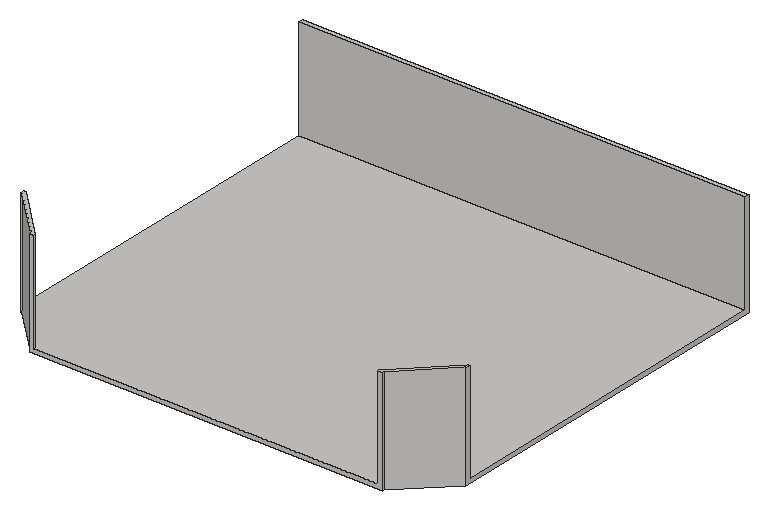
Revit family "Cable_Tray_Fitting-Modular_Channel_Tray-OBO_Bettermann-Channel_Horizontal_Tee-AZ", category Cable Tray Fittings, Revit 2012
Parameters (values of type "Hot Dipped Galvanised")
  URL = "http://www.obo-bettermann.com/"
  Tray Connector 3 Location [instance] = if(Tray Width 3 > 399.9 mm, (Tray Width 3 / 2) + 255 mm, (Tray Width 3 / 2) + 26.2 mm)  # 126.2 mm
  Tray Connector2 Location [instance] = if(Tray Width 1 > 399.9 mm, (Tray Width 1 / 2) + 255 mm, (Tray Width 1 / 2) + 26.2 mm)  # 126.2 mm
  Tray Connector 1 Location [instance] = if(Tray Width 1 > 399.9 mm, (Tray Width 1 / 2) + 255 mm, (Tray Width 1 / 2) + 26.2 mm)  # 126.2 mm
  Tray Width 3 [instance] = 200 mm
  Tray Width 1 [instance] = 200 mm
  Tray Length [instance] = 0.794 mm
  Tray Height [instance] = 60 mm
  built-in parameter 1140111 [instance] = 2.58 mm
  Small Tray Tee [instance] = not(Large Tray Tee)  # yes
  Radius = 25.4 mm
  Product Page URL = "http://catalog1.obo-bettermann.com/catalogue/catalogue.do?favOid=kts_433413&act=showIO&lang=de&action=start&catId=KTS&forward=showSolutionView"
  Product Documentation Link = ""
  Pre Galvanized = no
  Model = "AZ"
  Manufacturer = "OBO Bettermann"
  Large Tray Tee [instance] = (Tray Width 1 > 399.9 mm)  # no
  Description = "Modular AZ Channel Tray"
  Connector Description 3 = "Connector for Cable Tray 3"  # constant formula
  Connector Description 2 = "Connector for Cable Tray 2"  # constant formula
  Connector Description = "Connector for Cable Tray 1"  # constant formula
  Classification = "Refer to online catalog for UL and cUL classifed sizes and wire sizes."
  Cable Tray Material = Metal - OBO Bettermann - Hot-Dipped-Galvanised
  Assembly Code = "D5030600"
Types (2, lengths in mm): name | Tray Connector 3 Location | Tray Connector2 Location | Tray Connector 1 Location | Tray Width 3 | Tray Width 1 | Cable Tray Material
  Hot Dipped Galvanised | 126.2 | 126.2 | 126.2 | 200 | 200 | Metal - OBO Bettermann - Hot-Dipped-Galvanised
  Strip Galvanised | 76.2 | 76.2 | 76.2 | 100 | 100 | Metal - OBO Bettermann - Strip-Galvanised
Reference planes
  plane 1 "Center (Front/Back)": y = 0
  plane 2: z = 0
  plane 3 "Center (Left/Right)": x = 0
  plane 4: y = 100
  plane 5: y = -100
  plane 6: z = 30
  plane 7: z = -30
  plane 8: y = -125.4
  plane 9: x = -100
  plane 10: x = 100
  plane 11: x = -125.4
  plane 12: x = 125.4
  plane 13: y = -97.42
  plane 14: y = 97.42
  plane 15: y = -126.194
  plane 16: x = -97.42
  plane 17: x = 97.42
  plane 18: x = -126.194
  plane 19: x = 126.194
  plane 20: z = -27.42
  plane 21 "Tray Connector Left": x = -126.2
  plane 22 "Tray Connector Right": x = 126.2
  plane 23 "Tray Connector Branch": y = -126.2
Lines and regions (mm)
  model lines, style "Coarse View", detail levels coarse
    curve 1: line (-126.194, 0, 0) -> (126.194, 0, 0)
    curve 2: line (0, 0, 0) -> (0, -126.194, 0)
Dimensions and locks
  equal spacing: plane 4, plane 1 "Center (Front/Back)", plane 5
  "Tray Width 1": plane 4 to plane 5
  equal spacing: plane 6, plane 2, plane 7
  "Tray Height": plane 6 to plane 7
  plane 5 to plane 8 = 25.4 mm
  equal spacing: plane 9, plane 3 "Center (Left/Right)", plane 10
  "Tray Width 3": plane 9 to plane 10
  plane 11 to plane 9 = 25.4 mm
  plane 10 to plane 12 = 25.4 mm
  "built-in parameter 1140111": plane 13 to plane 5
  "built-in parameter 1140111": plane 4 to plane 14
  "Tray Length": plane 8 to plane 15
  "built-in parameter 1140111": plane 9 to plane 16
  "built-in parameter 1140111": plane 17 to plane 10
  "Tray Length": plane 18 to plane 11
  "Tray Length": plane 12 to plane 19
  "built-in parameter 1140111": plane 20 to plane 7
  "Tray Connector2 Location": plane 3 "Center (Left/Right)" to plane 22 "Tray Connector Right"
  "Tray Connector 3 Location": plane 23 "Tray Connector Branch" to plane 1 "Center (Front/Back)"
  "Tray Connector 1 Location": plane 21 "Tray Connector Left" to plane 3 "Center (Left/Right)"
  aligned and locked: plane 19 to curve 1
  aligned and locked: plane 18 to curve 1
  aligned and locked: plane 1 "Center (Front/Back)" to curve 1
  aligned and locked: plane 15 to curve 2
  aligned and locked: plane 1 "Center (Front/Back)" to curve 2
  aligned and locked: curve 2 to plane 3 "Center (Left/Right)"
  aligned and locked: plane 4 to nested 1
  aligned and locked: nested 1 to plane 5
  aligned and locked: nested 1 to plane 9
  aligned and locked: plane 10 to nested 1
  aligned and locked: plane 4 to nested 2
  aligned and locked: nested 2 to plane 18
  aligned and locked: plane 19 to nested 2
Nested families
  nested 1: "Cable_Tray_Fitting-Channel_Tray-OBO_Bettermann-Channel_Horizontal_Tee_400-600-MKS" at (0, 0, 0), Tray Width 3 <- "Tray Width 1", Tray Width 1 <- "Tray Width 1", Tray Height <- "Tray Height", visible <- "Large Tray Tee", built-in parameter 1140111 <- "built-in parameter 1140111", type "Stripped Galvanised"
    with Tray Width Overall 710 mm, Tray Width 3 200 mm, Tray Width 1 200 mm, Tray Height 60 mm, built-in parameter 1140111 2.58 mm
  nested 2: "Cable_Tray_Fitting-Channel_Tray-OBO_Bettermann-Channel_Horizontal_Tee_100-300-MKS" at (0, 0, 0), Tray Width 3 <- "Tray Width 3", Tray Width 1 <- "Tray Width 1", Tray Height <- "Tray Height", built-in parameter 1140111 <- "built-in parameter 1140111", visible <- "Small Tray Tee", type "Stripped Galvanised"
    with Tray Width 3 200 mm, Tray Width 1 200 mm, Tray Length 0.794 mm, Tray Height 60 mm, built-in parameter 1140111 2.58 mm, Radius Label 1 27.98 mm, Radius Label 25.4 mm
Connectors
  cabletrayconduit at (126.2, 0, 0), driven by "Tray Width 1", driven by "Tray Height", driven by "Connector Description 2"
    settings: index 1, connector width 200 mm, connector height 60 mm, connector radius 300 mm, connector angle 0.00°, system type 32, placement type 0, profile type 1, connector reference index -1, is primary connector yes, connector utility param no, connector description "Connector for Cable Tray 2"
  cabletrayconduit at (-126.2, 0, 0), driven by "Tray Height", driven by "Tray Width 1", driven by "Connector Description"
    settings: index 2, connector width 200 mm, connector height 60 mm, connector radius 300 mm, connector angle 0.00°, system type 32, placement type 0, profile type 1, connector reference index -1, is primary connector no, connector utility param no, connector description "Connector for Cable Tray 1"
  cabletrayconduit at (0, -126.2, 0), driven by "Tray Width 3", driven by "Tray Height", driven by "Connector Description 3"
    settings: index 3, connector width 200 mm, connector height 60 mm, connector radius 300 mm, connector angle 0.00°, system type 32, placement type 0, profile type 1, connector reference index -1, is primary connector no, connector utility param no, connector description "Connector for Cable Tray 3"
Definition of nested family "Cable_Tray_Fitting-Channel_Tray-OBO_Bettermann-Channel_Horizontal_Tee_400-600-MKS"
  Parameters (values of type "Stripped Galvanised")
    URL = "http://www.obo-bettermann.com/"
    Tray Width Overall [instance] = Tray Width 3 + 510 mm  # 910 mm
    Tray Width 3 [instance] = 400 mm
    Tray Width 1 [instance] = 400 mm
    Tray Height [instance] = 60 mm
    built-in parameter 1140111 [instance] = 2.58 mm
    Radius Label 1 = Radius Label + 2.6 mm  # 152.6 mm
    Radius Label = 150 mm
    Product Page URL = "http://catalog2.obo-bettermann.com/catalogue/catalogue.do?favOid=kts_315277&act=showIO&lang=en&action=start&catId=KTS&forward=showSolutionView"
    Product Documentation Link = ""
    Pre Galvanized = no
    Model = "MKS"
    Manufacturer = "OBO Bettermann"
    Description = "Cable tray"
    Connector Description 3 = "Connector for Cable Tray 3"  # constant formula
    Connector Description 2 = "Connector for Cable Tray 2"  # constant formula
    Connector Description = "Connector for Cable Tray 1"  # constant formula
    Classification = "Refer to nline catalog for UL and cUL classifed sizes and wire sizes."
    Cable Tray Material = none
    Assembly Code = "D5030600"
  Types (2, lengths in mm): name | Tray Width Overall | Tray Width 3 | Tray Width 1
    Stripped Galvanised | 910 | 400 | 400
    Steel | 610 | 100 | 100
  Reference planes
    plane 1 "Center (Front/Back)": y = 0
    plane 2: z = 0
    plane 3 "Center (Left/Right)": x = 0
    plane 4: y = 200
    plane 5: y = -200
    plane 6: z = 30
    plane 7: z = -30
    plane 8: x = -200
    plane 9: x = 200
    plane 10: y = -197.42
    plane 11: y = 197.42
    plane 12: y = -455
    plane 13: x = -197.42
    plane 14: x = 197.42
    plane 15: z = -27.42
    plane 16: x = -455
    plane 17: x = 455
  Forms (mm)
    Extrusion 1, solid, material <- "Cable Tray Material", detail levels fine
      sketch origin (0, 0, 0) x (1, 0, 0) y (0, 1, 0)
        loop
          line (-455, -197.42) -> (-455, -200) -> (-350, -200)
          arc (-350, -200) -> (-243.934, -243.934) -> (-200, -350) r 150
          line (-200, -350) -> (-200, -455) -> (-197.42, -455) -> (-197.42, -347.51)
          arc (-197.42, -347.51) -> (-242.096, -242.096) -> (-347.51, -197.42) r 152.6
          line (-347.51, -197.42) -> (-455, -197.42)
        loop
          line (350, -200) -> (455, -200) -> (455, -197.42) -> (347.51, -197.42)
          arc (347.51, -197.42) -> (242.096, -242.096) -> (197.42, -347.51) r 152.6
          line (197.42, -347.51) -> (197.42, -455) -> (200, -455) -> (200, -350)
          arc (200, -350) -> (243.934, -243.934) -> (350, -200) r 150
        loop
          line (-455, 200) -> (-455, 197.42) -> (455, 197.42) -> (455, 200) -> (-455, 200)
      from -30 to 30
    Extrusion 2, solid, material <- "Cable Tray Material", detail levels fine
      sketch origin (0, 0, 0) x (1, 0, 0) y (0, 1, 0)
        loop
          line (-455, -200) -> (-350, -200)
          arc (-350, -200) -> (-243.934, -243.934) -> (-200, -350) r 150
          line (-200, -350) -> (-200, -455) -> (200, -455) -> (200, -350)
          arc (200, -350) -> (243.934, -243.934) -> (350, -200) r 150
          line (350, -200) -> (455, -200) -> (455, 200) -> (-455, 200) -> (-455, -200)
      from -30 to -27.42
    Extrusion 3, solid, material <- "Cable Tray Material", detail levels medium
      sketch origin (0, 0, 0) x (1, 0, 0) y (0, 1, 0)
        loop
          line (-455, 200) -> (-455, -200) -> (-350, -200)
          arc (-350, -200) -> (-243.934, -243.934) -> (-200, -350) r 150
          line (-200, -350) -> (-200, -455) -> (200, -455) -> (200, -350)
          arc (200, -350) -> (243.934, -243.934) -> (350, -200) r 150
          line (350, -200) -> (455, -200) -> (455, 200) -> (-455, 200)
      from -30 to 30
  Cuts and joins
    joined: Extrusion 1, Extrusion 2
  Lines and regions (mm)
    model lines, style "Coarse View", detail levels coarse
      curve 1: line (-380, 0, 0) -> (350, 0, 0)
      curve 2: line (0, 0, 0) -> (0, -455, 0)
  Dimensions and locks
    equal spacing: plane 4, plane 1 "Center (Front/Back)", plane 5
    "Tray Width 1": plane 4 to plane 5
    equal spacing: plane 6, plane 2, plane 7
    "Tray Height": plane 6 to plane 7
    equal spacing: plane 8, plane 3 "Center (Left/Right)", plane 9  (x2)
    "Tray Width 3": plane 8 to plane 9
    "built-in parameter 1140111": plane 10 to plane 5
    "built-in parameter 1140111": plane 4 to plane 11
    locked: plane 5 to plane 12 at 255
    "built-in parameter 1140111": plane 8 to plane 13
    "built-in parameter 1140111": plane 14 to plane 9
    "built-in parameter 1140111": plane 15 to plane 7
    locked: plane 16 to plane 8 at 255
    locked: plane 9 to plane 17 at 255
    equal spacing: plane 16, plane 3 "Center (Left/Right)", plane 17
    "Radius Label": radius of Extrusion 3 sketch curve  (x2)
    "Radius Label": radius of Extrusion 1 sketch curve  (x2)
    "Radius Label 1": radius of Extrusion 1 sketch curve  (x2)
    "Radius Label": radius of Extrusion 2 sketch curve  (x2)
    aligned and locked: Extrusion 1 sketch curve to plane 10
    aligned and locked: Extrusion 1 sketch curve to plane 5
    aligned and locked: Extrusion 1 sketch curve to plane 8
    aligned and locked: plane 12 to Extrusion 1 sketch curve  (x2)
    aligned and locked: Extrusion 1 sketch curve to plane 13
    aligned and locked: plane 13 to Extrusion 1 sketch curve
    aligned and locked: plane 8 to Extrusion 1 sketch curve
    aligned and locked: Extrusion 1 sketch curve to plane 12  (x2)
    aligned and locked: Extrusion 1 to plane 7
    aligned and locked: plane 6 to Extrusion 1
    aligned and locked: plane 5 to Extrusion 1 sketch curve
    aligned and locked: plane 10 to Extrusion 1 sketch curve
    aligned and locked: Extrusion 1 sketch curve to plane 14
    aligned and locked: Extrusion 1 sketch curve to plane 9
    aligned and locked: plane 9 to Extrusion 1 sketch curve
    aligned and locked: plane 14 to Extrusion 1 sketch curve
    aligned and locked: plane 11 to Extrusion 1 sketch curve
    aligned and locked: Extrusion 1 sketch curve to plane 4
    aligned and locked: Extrusion 2 sketch curve to plane 5
    aligned and locked: Extrusion 2 sketch curve to plane 4
    aligned and locked: plane 4 to Extrusion 2 sketch curve
    aligned and locked: plane 5 to Extrusion 2 sketch curve
    aligned and locked: plane 12 to Extrusion 2 sketch curve
    aligned and locked: plane 9 to Extrusion 2 sketch curve
    aligned and locked: plane 8 to Extrusion 2 sketch curve
    aligned and locked: Extrusion 2 sketch curve to plane 12
    aligned and locked: Extrusion 2 to plane 7
    aligned and locked: plane 15 to Extrusion 2
    aligned and locked: Extrusion 3 sketch curve to plane 5  (x2)
    aligned and locked: plane 4 to Extrusion 3 sketch curve  (x2)
    aligned and locked: plane 5 to Extrusion 3 sketch curve
    aligned and locked: plane 12 to Extrusion 3 sketch curve
    aligned and locked: Extrusion 3 sketch curve to plane 9
    aligned and locked: plane 9 to Extrusion 3 sketch curve
    aligned and locked: plane 8 to Extrusion 3 sketch curve
    aligned and locked: Extrusion 3 sketch curve to plane 12
    aligned and locked: Extrusion 3 to plane 7
    aligned and locked: plane 6 to Extrusion 3
    aligned and locked: plane 1 "Center (Front/Back)" to curve 1
    aligned and locked: plane 12 to curve 2
    aligned and locked: plane 1 "Center (Front/Back)" to curve 2
    aligned and locked: curve 2 to plane 3 "Center (Left/Right)"
    aligned and locked: plane 16 to Extrusion 3
    aligned and locked: plane 16 to cut or joined group of Extrusion 1, Extrusion 2
    aligned and locked: plane 17 to Extrusion 3
    aligned and locked: cut or joined group of Extrusion 1, Extrusion 2 to Extrusion 3
  Automatic sketch dimensions
    Extrusion 1 sketch curve to Extrusion 1 sketch curve = 0 mm  (x4)
    Extrusion 1 sketch curve to Extrusion 1 sketch curve = 105 mm  (x2)
    Extrusion 1 sketch curve to plane 8 = 255 mm
    Extrusion 2 sketch curve to Extrusion 2 sketch curve = 105 mm  (x2)
    Extrusion 3 sketch curve to plane 8 = 255 mm
    plane 9 to Extrusion 1 sketch curve = 255 mm
    plane 9 to Extrusion 3 sketch curve = 255 mm
    curve 1 to plane 16 = 75 mm
    plane 17 to curve 1 = 105 mm
  Connectors
    cabletrayconduit at (-455, 0, 0), driven by "Tray Height", driven by "Tray Width 1", driven by "Connector Description"
      settings: on Extrusion 3, index 1, connector width 400 mm, connector height 60 mm, connector radius 304.8 mm, connector angle 0.00°, system type 32, placement type 0, profile type 1, connector reference index 2, is primary connector yes, connector utility param no, connector description "Connector for Cable Tray 1"
    cabletrayconduit at (455, 0, 0), driven by "Tray Height", driven by "Tray Width 1", driven by "Connector Description 2"
      settings: on Extrusion 3, index 2, connector width 400 mm, connector height 60 mm, connector radius 304.8 mm, connector angle 0.00°, system type 32, placement type 0, profile type 1, connector reference index 1, is primary connector no, connector utility param no, connector description "Connector for Cable Tray 2"
    cabletrayconduit at (0, -455, 0), driven by "Tray Height", driven by "Tray Width 3", driven by "Connector Description 3"
      settings: on Extrusion 3, index 3, connector width 400 mm, connector height 60 mm, connector radius 304.8 mm, connector angle 0.00°, system type 32, placement type 0, profile type 1, connector reference index -1, is primary connector no, connector utility param no, connector description "Connector for Cable Tray 3"
Definition of nested family "Cable_Tray_Fitting-Channel_Tray-OBO_Bettermann-Channel_Horizontal_Tee_100-300-MKS"
  Parameters (values of type "Stripped Galvanised")
    URL = "http://www.obo-bettermann.com/"
    Tray Width 3 [instance] = 100 mm
    Tray Width 1 [instance] = 100 mm
    Tray Length [instance] = 0.794 mm
    Tray Height [instance] = 60 mm
    built-in parameter 1140111 [instance] = 2.58 mm
    Radius Label 1 [instance] = Radius Label + [built-in parameter 1140111]  # 27.98 mm
    Radius Label [instance] = Radius  # 25.4 mm
    Radius = 25.4 mm
    Product Page URL = "http://catalog2.obo-bettermann.com/catalogue/catalogue.do?favOid=kts_315277&act=showIO&lang=en&action=start&catId=KTS&forward=showSolutionView"
    Product Documentation Link = ""
    Pre Galvanized = no
    Model = "MKS"
    Manufacturer = "OBO Bettermann"
    Description = "Cable tray"
    Connector Description 3 = "Connector for Cable Tray 3"  # constant formula
    Connector Description 2 = "Connector for Cable Tray 2"  # constant formula
    Connector Description = "Connector for Cable Tray 1"  # constant formula
    Classification = "Refer to nline catalog for UL and cUL classifed sizes and wire sizes."
    Cable Tray Material = none
    Assembly Code = "D5030600"
  Types (2): name
    Stripped Galvanised
    Steel
  Reference planes
    plane 1 "Center (Front/Back)": y = 0
    plane 2: z = 0
    plane 3 "Center (Left/Right)": x = 0
    plane 4: y = 50
    plane 5: y = -50
    plane 6: z = 30
    plane 7: z = -30
    plane 8: y = -75.4
    plane 9: x = -50
    plane 10: x = 50
    plane 11: x = -75.4
    plane 12: x = 75.4
    plane 13: y = -47.42
    plane 14: y = 47.42
    plane 15: y = -76.194
    plane 16: x = -47.42
    plane 17: x = 47.42
    plane 18: x = -76.194
    plane 19: x = 76.194
    plane 20: z = -27.42
  Forms (mm)
    Extrusion 1, solid, material <- "Cable Tray Material", detail levels fine
      sketch origin (0, 0, 0) x (1, 0, 0) y (0, 1, 0)
        loop
          line (-76.194, -47.42) -> (-76.194, -50) -> (-75.4, -50) -> (-50, -75.4) -> (-50, -76.194) -> (-47.42, -76.194) -> (-47.42, -75.4) -> (-75.4, -47.42) -> (-76.194, -47.42)
        loop
          line (75.4, -50) -> (76.194, -50) -> (76.194, -47.42) -> (75.4, -47.42) -> (47.42, -75.4) -> (47.42, -76.194) -> (50, -76.194) -> (50, -75.4) -> (75.4, -50)
        loop
          line (-76.194, 50) -> (-76.194, 47.42) -> (76.194, 47.42) -> (76.194, 50) -> (-76.194, 50)
      from -30 to 30
    Extrusion 2, solid, material <- "Cable Tray Material", detail levels fine
      sketch origin (0, 0, 0) x (1, 0, 0) y (0, 1, 0)
        loop
          line (-76.194, -50) -> (-75.4, -50) -> (-50, -75.4) -> (-50, -76.194) -> (50, -76.194) -> (50, -75.4) -> (75.4, -50) -> (76.194, -50) -> (76.194, 50) -> (-76.194, 50) -> (-76.194, -50)
      from -30 to -27.42
    Extrusion 3, solid, material <- "Cable Tray Material", detail levels medium
      sketch origin (0, 0, 0) x (1, 0, 0) y (0, 1, 0)
        loop
          line (-76.194, 50) -> (-76.194, -50) -> (-75.4, -50) -> (-50, -75.4) -> (-50, -76.194) -> (50, -76.194) -> (50, -75.4) -> (75.4, -50) -> (76.194, -50) -> (76.194, 50) -> (-76.194, 50)
      from -30 to 30
  Cuts and joins
    joined: Extrusion 1, Extrusion 2
  Lines and regions (mm)
    model lines, style "Coarse View", detail levels coarse
      curve 1: line (-76.194, 0, 0) -> (76.194, 0, 0)
      curve 2: line (0, 0, 0) -> (0, -76.194, 0)
  Dimensions and locks
    equal spacing: plane 4, plane 1 "Center (Front/Back)", plane 5
    "Tray Width 1": plane 4 to plane 5
    equal spacing: plane 6, plane 2, plane 7
    "Tray Height": plane 6 to plane 7
    "Radius Label": plane 5 to plane 8
    equal spacing: plane 9, plane 3 "Center (Left/Right)", plane 10
    "Tray Width 3": plane 9 to plane 10
    "Radius Label": plane 11 to plane 9
    "Radius Label": plane 10 to plane 12
    "built-in parameter 1140111": plane 13 to plane 5
    "built-in parameter 1140111": plane 4 to plane 14
    "Tray Length": plane 8 to plane 15
    "built-in parameter 1140111": plane 9 to plane 16
    "built-in parameter 1140111": plane 17 to plane 10
    "Tray Length": plane 18 to plane 11
    "Tray Length": plane 12 to plane 19
    "built-in parameter 1140111": plane 20 to plane 7
    aligned and locked: plane 11 to Extrusion 1 sketch curve  (x2)
    aligned and locked: Extrusion 1 sketch curve to plane 13
    aligned and locked: plane 18 to Extrusion 1 sketch curve  (x2)
    aligned and locked: Extrusion 1 sketch curve to plane 5
    aligned and locked: plane 8 to Extrusion 1 sketch curve  (x4)
    aligned and locked: Extrusion 1 sketch curve to plane 9
    aligned and locked: plane 15 to Extrusion 1 sketch curve  (x2)
    aligned and locked: Extrusion 1 sketch curve to plane 16
    aligned and locked: plane 16 to Extrusion 1 sketch curve
    aligned and locked: plane 9 to Extrusion 1 sketch curve
    aligned and locked: Extrusion 1 sketch curve to plane 15  (x2)
    aligned and locked: Extrusion 1 sketch curve to plane 18
    aligned and locked: Extrusion 1 to plane 7
    aligned and locked: plane 6 to Extrusion 1
    aligned and locked: plane 12 to Extrusion 1 sketch curve  (x2)
    aligned and locked: plane 19 to Extrusion 1 sketch curve
    aligned and locked: plane 5 to Extrusion 1 sketch curve
    aligned and locked: plane 13 to Extrusion 1 sketch curve
    aligned and locked: Extrusion 1 sketch curve to plane 19  (x2)
    aligned and locked: Extrusion 1 sketch curve to plane 17
    aligned and locked: Extrusion 1 sketch curve to plane 10
    aligned and locked: plane 10 to Extrusion 1 sketch curve
    aligned and locked: plane 17 to Extrusion 1 sketch curve
    aligned and locked: plane 14 to Extrusion 1 sketch curve
    aligned and locked: Extrusion 1 sketch curve to plane 4
    aligned and locked: plane 18 to Extrusion 2 sketch curve
    aligned and locked: plane 11 to Extrusion 2 sketch curve
    aligned and locked: Extrusion 2 sketch curve to plane 5
    aligned and locked: Extrusion 2 sketch curve to plane 18
    aligned and locked: plane 19 to Extrusion 2 sketch curve  (x2)
    aligned and locked: Extrusion 2 sketch curve to plane 4
    aligned and locked: plane 4 to Extrusion 2 sketch curve
    aligned and locked: plane 5 to Extrusion 2 sketch curve
    aligned and locked: plane 12 to Extrusion 2 sketch curve
    aligned and locked: plane 15 to Extrusion 2 sketch curve
    aligned and locked: plane 8 to Extrusion 2 sketch curve
    aligned and locked: plane 10 to Extrusion 2 sketch curve
    aligned and locked: plane 9 to Extrusion 2 sketch curve
    aligned and locked: Extrusion 2 sketch curve to plane 15
    aligned and locked: Extrusion 2 to plane 7
    aligned and locked: plane 20 to Extrusion 2
    aligned and locked: plane 18 to Extrusion 3 sketch curve
    aligned and locked: plane 11 to Extrusion 3 sketch curve
    aligned and locked: Extrusion 3 sketch curve to plane 5  (x2)
    aligned and locked: plane 4 to Extrusion 3 sketch curve  (x2)
    aligned and locked: Extrusion 3 sketch curve to plane 18
    aligned and locked: plane 5 to Extrusion 3 sketch curve
    aligned and locked: Extrusion 3 sketch curve to plane 19
    aligned and locked: plane 12 to Extrusion 3 sketch curve
    aligned and locked: plane 19 to Extrusion 3 sketch curve
    aligned and locked: plane 15 to Extrusion 3 sketch curve
    aligned and locked: Extrusion 3 sketch curve to plane 10
    aligned and locked: plane 8 to Extrusion 3 sketch curve
    aligned and locked: plane 10 to Extrusion 3 sketch curve
    aligned and locked: plane 9 to Extrusion 3 sketch curve
    aligned and locked: Extrusion 3 sketch curve to plane 15
    aligned and locked: Extrusion 3 to plane 7
    aligned and locked: plane 6 to Extrusion 3
    aligned and locked: plane 19 to curve 1
    aligned and locked: plane 18 to curve 1
    aligned and locked: plane 1 "Center (Front/Back)" to curve 1
    aligned and locked: plane 15 to curve 2
    aligned and locked: plane 1 "Center (Front/Back)" to curve 2
    aligned and locked: curve 2 to plane 3 "Center (Left/Right)"
  Automatic sketch dimensions
    Extrusion 2 sketch curve to plane 8 = 0 mm
    Extrusion 3 sketch curve to plane 8 = 0 mm
  Connectors
    cabletrayconduit at (-76.194, 0, 0), driven by "Tray Height", driven by "Tray Width 1", driven by "Connector Description"
      settings: on Extrusion 3, index 1, connector width 100 mm, connector height 60 mm, connector radius 304.8 mm, connector angle 0.00°, system type 32, placement type 0, profile type 1, connector reference index 2, is primary connector yes, connector utility param no, connector description "Connector for Cable Tray 1"
    cabletrayconduit at (76.194, 0, 0), driven by "Tray Height", driven by "Tray Width 1", driven by "Connector Description 2"
      settings: on Extrusion 3, index 2, connector width 100 mm, connector height 60 mm, connector radius 304.8 mm, connector angle 0.00°, system type 32, placement type 0, profile type 1, connector reference index 1, is primary connector no, connector utility param no, connector description "Connector for Cable Tray 2"
    cabletrayconduit at (0, -76.194, 0), driven by "Tray Height", driven by "Tray Width 3", driven by "Connector Description 3"
      settings: on Extrusion 3, index 3, connector width 100 mm, connector height 60 mm, connector radius 304.8 mm, connector angle 0.00°, system type 32, placement type 0, profile type 1, connector reference index -1, is primary connector no, connector utility param no, connector description "Connector for Cable Tray 3"
